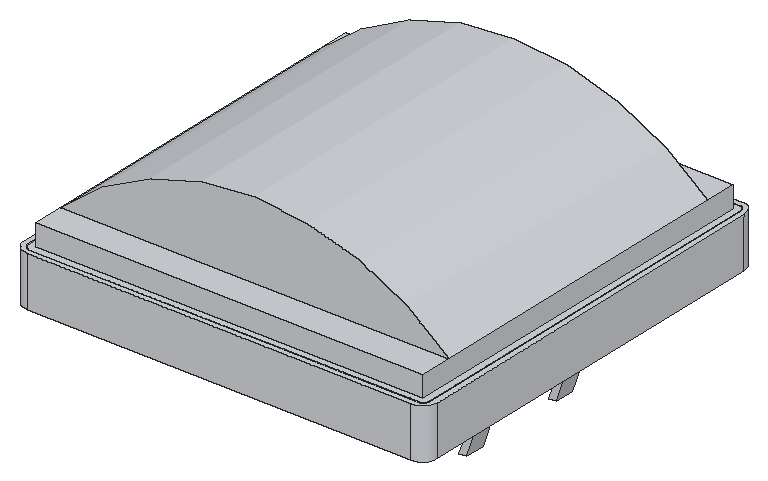
Revit family "Gira_537327", category Electrical Fixtures, host Face, Revit 2017
Family settings
  Host = Face
  Maintain Annotation Orientation = Yes
  Round Connector Dimension = Use Diameter
  Part Type = Normal
  Cut with Voids When Loaded = No
  Shared = No
  Room Calculation Point = No
Parameters (values of type "S3000 Beweg.m.aufs. 1,10 m Standard System 55 Reinweiß m")
  Werkstoffgüte = "sonstige"
  Werkstoff = "sonstige"
  URL = "http://katalog.gira.de/de_DE/datenblatt.html?artikelnr=537327"
  Region = "DE"
  Name = "S3000 Beweg.m.aufs. 1,10 m Standard System 55 Reinweiß m"
  Montagehöhe = "1,1 m"
  Montageart = "unter Putz"
  Manufacturer URL = "https://www.gira.de/"
  Keynote = "Bewegungsmelder_1,10m"
  HeinzeBIM = "https://bimportal.heinze.de/bim/s3000-beweg-m-aufs-1-10-m-standard-system-55-reinweiss-m/0029f8267e7f32f1215f19380327ee9e9fef9e9a"
  Halogenfrei = "Yes"
  HAN = "537327"
  Geeignet für Schutzart (IP) = "IP22"
  GTIN = "4010337049821"
  Default Elevation = 1219.2 mm
  Data sheet (1) = "https://katalog.gira.de/de_DE/download.html?artikelnr=537327"
  Category = "Bewegungsmelder-Sensor"
  Available = "Yes"
  Ausführung = "Bewegungsmelder"
Reference planes
  plane 1 "Center (Front/Back)": y = 0
  plane 2: z = 0
  plane 3 "Center (Left/Right)": x = 0
Forms (mm)
  Extrusion 1, solid, detail levels fine
    sketch origin (0, 0, 0) x (1, 0, 0) y (0, 0, 1)
      loop
        line (-33.025, 12.126) -> (33.025, 12.126)
        arc (33.025, 12.126) -> (0, 25.3) -> (-33.025, 12.126) r 47.982
    from -27.6 to 27.6
  Extrusion 2, solid, detail levels fine
    sketch origin (0, 0, 0) x (1, 0, 0) y (0, 1, 0)
      loop
        line (33.025, 33.025) -> (-33.025, 33.025) -> (-33.025, -33.025) -> (33.025, -33.025) -> (33.025, 33.025)
    from 8.55 to 12.126
  Extrusion 3, solid, detail levels fine
    sketch origin (0, 0, 0) x (1, 0, 0) y (0, 1, 0)
      loop
        spline (-32.7, 35.2) -> (-33.027, 35.179) -> (-33.347, 35.115) -> (-33.657, 35.01) -> (-33.95, 34.865) -> (-34.222, 34.683) -> (-34.468, 34.468) -> (-34.683, 34.222) -> (-34.865, 33.95) -> (-35.01, 33.657) -> (-35.115, 33.347) -> (-35.179, 33.027) -> (-35.2, 32.7)
        line (-35.2, 32.7) -> (-35.2, -32.7)
        spline (-35.2, -32.7) -> (-35.179, -33.027) -> (-35.115, -33.347) -> (-35.01, -33.657) -> (-34.865, -33.95) -> (-34.683, -34.222) -> (-34.468, -34.468) -> (-34.222, -34.683) -> (-33.95, -34.865) -> (-33.657, -35.01) -> (-33.347, -35.115) -> (-33.027, -35.179) -> (-32.7, -35.2)
        line (-32.7, -35.2) -> (32.7, -35.2)
        spline (32.7, -35.2) -> (33.027, -35.179) -> (33.347, -35.115) -> (33.657, -35.01) -> (33.95, -34.865) -> (34.222, -34.683) -> (34.468, -34.468) -> (34.683, -34.222) -> (34.865, -33.95) -> (35.01, -33.657) -> (35.115, -33.347) -> (35.179, -33.027) -> (35.2, -32.7)
        line (35.2, -32.7) -> (35.2, 32.7)
        spline (35.2, 32.7) -> (35.179, 33.027) -> (35.115, 33.347) -> (35.01, 33.657) -> (34.865, 33.95) -> (34.683, 34.222) -> (34.468, 34.468) -> (34.222, 34.683) -> (33.95, 34.865) -> (33.657, 35.01) -> (33.347, 35.115) -> (33.027, 35.179) -> (32.7, 35.2)
        line (32.7, 35.2) -> (-32.7, 35.2)
      loop
        line (-34.2, 33.2) -> (-34.2, -33.2)
        spline (-34.2, -33.2) -> (-34.191, -33.331) -> (-34.166, -33.459) -> (-34.124, -33.583) -> (-34.066, -33.7) -> (-33.993, -33.809) -> (-33.907, -33.907) -> (-33.809, -33.993) -> (-33.7, -34.066) -> (-33.583, -34.124) -> (-33.459, -34.166) -> (-33.331, -34.191) -> (-33.2, -34.2)
        line (-33.2, -34.2) -> (33.2, -34.2)
        spline (33.2, -34.2) -> (33.331, -34.191) -> (33.459, -34.166) -> (33.583, -34.124) -> (33.7, -34.066) -> (33.809, -33.993) -> (33.907, -33.907) -> (33.993, -33.809) -> (34.066, -33.7) -> (34.124, -33.583) -> (34.166, -33.459) -> (34.191, -33.331) -> (34.2, -33.2)
        line (34.2, -33.2) -> (34.2, 33.2)
        spline (34.2, 33.2) -> (34.191, 33.331) -> (34.166, 33.459) -> (34.124, 33.583) -> (34.066, 33.7) -> (33.993, 33.809) -> (33.907, 33.907) -> (33.809, 33.993) -> (33.7, 34.066) -> (33.583, 34.124) -> (33.459, 34.166) -> (33.331, 34.191) -> (33.2, 34.2)
        line (33.2, 34.2) -> (-33.2, 34.2)
        spline (-33.2, 34.2) -> (-33.331, 34.191) -> (-33.459, 34.166) -> (-33.583, 34.124) -> (-33.7, 34.066) -> (-33.809, 33.993) -> (-33.907, 33.907) -> (-33.993, 33.809) -> (-34.066, 33.7) -> (-34.124, 33.583) -> (-34.166, 33.459) -> (-34.191, 33.331) -> (-34.2, 33.2)
    from 0 to 8.55
  Extrusion 4, solid, detail levels fine
    sketch origin (0, 0, 0) x (1, 0, 0) y (0, 1, 0)
      loop
        line (-34.2, 33.2) -> (-34.2, -33.2)
        spline (-34.2, -33.2) -> (-34.191, -33.331) -> (-34.166, -33.459) -> (-34.124, -33.583) -> (-34.066, -33.7) -> (-33.993, -33.809) -> (-33.907, -33.907) -> (-33.809, -33.993) -> (-33.7, -34.066) -> (-33.583, -34.124) -> (-33.459, -34.166) -> (-33.331, -34.191) -> (-33.2, -34.2)
        line (-33.2, -34.2) -> (33.2, -34.2)
        spline (33.2, -34.2) -> (33.331, -34.191) -> (33.459, -34.166) -> (33.583, -34.124) -> (33.7, -34.066) -> (33.809, -33.993) -> (33.907, -33.907) -> (33.993, -33.809) -> (34.066, -33.7) -> (34.124, -33.583) -> (34.166, -33.459) -> (34.191, -33.331) -> (34.2, -33.2)
        line (34.2, -33.2) -> (34.2, 33.2)
        spline (34.2, 33.2) -> (34.191, 33.331) -> (34.166, 33.459) -> (34.124, 33.583) -> (34.066, 33.7) -> (33.993, 33.809) -> (33.907, 33.907) -> (33.809, 33.993) -> (33.7, 34.066) -> (33.583, 34.124) -> (33.459, 34.166) -> (33.331, 34.191) -> (33.2, 34.2)
        line (33.2, 34.2) -> (-33.2, 34.2)
        spline (-33.2, 34.2) -> (-33.331, 34.191) -> (-33.459, 34.166) -> (-33.583, 34.124) -> (-33.7, 34.066) -> (-33.809, 33.993) -> (-33.907, 33.907) -> (-33.993, 33.809) -> (-34.066, 33.7) -> (-34.124, 33.583) -> (-34.166, 33.459) -> (-34.191, 33.331) -> (-34.2, 33.2)
    from 6.175 to 8.55
  Extrusion 5, solid, detail levels fine
    sketch origin (0, 0, 0) x (1, 0, 0) y (0, 1, 0)
      loop
        spline (-27.7, -27.1) -> (-27.696, -27.165) -> (-27.683, -27.229) -> (-27.662, -27.291) -> (-27.633, -27.35) -> (-27.597, -27.404) -> (-27.554, -27.454) -> (-27.504, -27.497) -> (-27.45, -27.533) -> (-27.391, -27.562) -> (-27.329, -27.583) -> (-27.265, -27.596) -> (-27.2, -27.6)
        line (-27.2, -27.6) -> (27.2, -27.6)
        spline (27.2, -27.6) -> (27.265, -27.596) -> (27.329, -27.583) -> (27.391, -27.562) -> (27.45, -27.533) -> (27.504, -27.497) -> (27.554, -27.454) -> (27.597, -27.404) -> (27.633, -27.35) -> (27.662, -27.291) -> (27.683, -27.229) -> (27.696, -27.165) -> (27.7, -27.1)
        line (27.7, -27.1) -> (27.7, 27.1)
        spline (27.7, 27.1) -> (27.696, 27.165) -> (27.683, 27.229) -> (27.662, 27.291) -> (27.633, 27.35) -> (27.597, 27.404) -> (27.554, 27.454) -> (27.504, 27.497) -> (27.45, 27.533) -> (27.391, 27.562) -> (27.329, 27.583) -> (27.265, 27.596) -> (27.2, 27.6)
        line (27.2, 27.6) -> (-27.2, 27.6)
        spline (-27.2, 27.6) -> (-27.265, 27.596) -> (-27.329, 27.583) -> (-27.391, 27.562) -> (-27.45, 27.533) -> (-27.504, 27.497) -> (-27.554, 27.454) -> (-27.597, 27.404) -> (-27.633, 27.35) -> (-27.662, 27.291) -> (-27.683, 27.229) -> (-27.696, 27.165) -> (-27.7, 27.1)
        line (-27.7, 27.1) -> (-27.7, -27.1)
      loop
        line (26.9, 26.8) -> (-26.9, 26.8) -> (-26.9, -26.8) -> (26.9, -26.8) -> (26.9, 26.8)
    from 0 to 6.175
  Extrusion 6, solid, detail levels fine
    sketch origin (0, 0, 0) x (1, 0, 0) y (0, 1, 0)
      loop
        line (-15.4, -23.928) -> (15.4, -23.928)
        arc (15.4, -23.928) -> (21.43, -21.43) -> (23.928, -15.4) r 8.528
        line (23.928, -15.4) -> (23.928, 15.4)
        arc (23.928, 15.4) -> (21.43, 21.43) -> (15.4, 23.928) r 8.528
        line (15.4, 23.928) -> (-15.4, 23.928)
        arc (-15.4, 23.928) -> (-21.43, 21.43) -> (-23.928, 15.4) r 8.528
        line (-23.928, 15.4) -> (-23.928, -15.4)
        arc (-23.928, -15.4) -> (-21.43, -21.43) -> (-15.4, -23.928) r 8.528
    from -0.985 to 1.6
  Extrusion 7, solid, detail levels fine
    sketch origin (0, 0, 0) x (1, 0, 0) y (0, 1, 0)
      loop
        line (-26.35, 18.301) -> (-26.35, -18.801)
        spline (-26.35, -18.801) -> (-26.286, -19.78) -> (-26.095, -20.742) -> (-25.779, -21.671) -> (-25.345, -22.551) -> (-24.8, -23.366) -> (-24.154, -24.104) -> (-23.416, -24.75) -> (-22.601, -25.295) -> (-21.721, -25.729) -> (-20.792, -26.045) -> (-19.83, -26.236) -> (-18.851, -26.3)
        line (-18.851, -26.3) -> (18.851, -26.3)
        spline (18.851, -26.3) -> (19.83, -26.236) -> (20.792, -26.045) -> (21.721, -25.729) -> (22.601, -25.295) -> (23.416, -24.75) -> (24.154, -24.104) -> (24.8, -23.366) -> (25.345, -22.551) -> (25.779, -21.671) -> (26.094, -20.742) -> (26.286, -19.78) -> (26.35, -18.801)
        line (26.35, -18.801) -> (26.35, 18.301)
        spline (26.35, 18.301) -> (26.286, 19.28) -> (26.094, 20.242) -> (25.779, 21.171) -> (25.345, 22.051) -> (24.8, 22.866) -> (24.154, 23.604) -> (23.416, 24.25) -> (22.601, 24.795) -> (21.721, 25.229) -> (20.792, 25.545) -> (19.83, 25.736) -> (18.851, 25.8)
        line (18.851, 25.8) -> (-18.851, 25.8)
        spline (-18.851, 25.8) -> (-19.83, 25.736) -> (-20.792, 25.545) -> (-21.721, 25.229) -> (-22.601, 24.795) -> (-23.416, 24.25) -> (-24.154, 23.604) -> (-24.8, 22.866) -> (-25.345, 22.051) -> (-25.779, 21.171) -> (-26.095, 20.242) -> (-26.286, 19.28) -> (-26.35, 18.301)
    from 1.6 to 6.1
  Extrusion 8, solid, detail levels fine
    sketch origin (0, 0, 0) x (1, 0, 0) y (0, 0, 1)
      loop
        line (-23.048, -13.343) -> (-21.665, -13.513) -> (-24.338, -6.363) -> (-23.36, 1.6) -> (-25.023, 1.6) -> (-24.975, -1.121) -> (-25.39, -6.541) -> (-23.048, -13.343)
      loop
        line (23.048, -13.343) -> (25.39, -6.541) -> (24.975, -1.121) -> (25.023, 1.6) -> (23.36, 1.6) -> (24.338, -6.363) -> (21.665, -13.513) -> (23.048, -13.343)
    from 7.9 to 11.14
  Extrusion 9, solid, detail levels fine
    sketch origin (0, 0, 0) x (1, 0, 0) y (0, 0, -1)
      loop
        line (-23.048, 13.343) -> (-25.39, 6.541) -> (-24.975, 1.121) -> (-25.023, -1.6) -> (-23.36, -1.6) -> (-24.338, 6.363) -> (-21.665, 13.513) -> (-23.048, 13.343)
      loop
        line (23.048, 13.343) -> (21.665, 13.513) -> (24.338, 6.363) -> (23.36, -1.6) -> (25.023, -1.6) -> (24.975, 1.121) -> (25.39, 6.541) -> (23.048, 13.343)
    from 7.9 to 11.14
  Extrusion 10, solid, detail levels fine
    sketch origin (0, 0, 0) x (1, 0, 0) y (0, 1, 0)
      loop
        line (-5.141, 20.681) -> (-5.141, 15.099)
        spline (-5.141, 15.099) -> (-5.133, 14.968) -> (-5.107, 14.84) -> (-5.065, 14.716) -> (-5.007, 14.599) -> (-4.935, 14.49) -> (-4.849, 14.391) -> (-4.75, 14.305) -> (-4.641, 14.233) -> (-4.524, 14.175) -> (-4.4, 14.133) -> (-4.272, 14.107) -> (-4.141, 14.099)
        line (-4.141, 14.099) -> (4.141, 14.099)
        spline (4.141, 14.099) -> (4.272, 14.107) -> (4.4, 14.133) -> (4.524, 14.175) -> (4.641, 14.233) -> (4.75, 14.305) -> (4.849, 14.391) -> (4.935, 14.49) -> (5.007, 14.599) -> (5.065, 14.716) -> (5.107, 14.84) -> (5.133, 14.968) -> (5.141, 15.099)
        line (5.141, 15.099) -> (5.141, 20.681)
        spline (5.141, 20.681) -> (5.133, 20.812) -> (5.107, 20.94) -> (5.065, 21.064) -> (5.007, 21.181) -> (4.935, 21.29) -> (4.849, 21.389) -> (4.75, 21.475) -> (4.641, 21.547) -> (4.524, 21.605) -> (4.4, 21.647) -> (4.272, 21.673) -> (4.141, 21.681)
        line (4.141, 21.681) -> (-4.141, 21.681)
        spline (-4.141, 21.681) -> (-4.272, 21.673) -> (-4.4, 21.647) -> (-4.524, 21.605) -> (-4.641, 21.547) -> (-4.75, 21.475) -> (-4.849, 21.389) -> (-4.935, 21.29) -> (-5.007, 21.181) -> (-5.065, 21.064) -> (-5.107, 20.94) -> (-5.133, 20.812) -> (-5.141, 20.681)
    from -17.3 to -0.985
  Extrusion 11, solid, detail levels medium
    sketch origin (0, 0, 0) x (1, 0, 0) y (0, 1, 0)
      loop
        line (33.025, 33.025) -> (-33.025, 33.025) -> (-33.025, -33.025) -> (33.025, -33.025) -> (33.025, 33.025)
    from 8.55 to 25.3
  Extrusion 12, solid, detail levels medium
    sketch origin (0, 0, 0) x (1, 0, 0) y (0, 1, 0)
      loop
        line (-35.2, 35.2) -> (-35.2, -35.2) -> (35.2, -35.2) -> (35.2, 35.2) -> (-35.2, 35.2)
    from 0 to 8.55
  Extrusion 13, solid, detail levels medium
    sketch origin (0, 0, 0) x (1, 0, 0) y (0, 0, 1)
      loop
        line (-25.023, 1.6) -> (-25.023, -13.1) -> (-21.665, -13.513) -> (-21.665, 1.6) -> (-25.023, 1.6)
      loop
        line (25.023, 1.6) -> (21.665, 1.6) -> (21.665, -13.513) -> (25.023, -13.1) -> (25.023, 1.6)
    from 8 to 11.14
  Extrusion 14, solid, detail levels medium
    sketch origin (0, 0, 0) x (1, 0, 0) y (0, 0, -1)
      loop
        line (-25.023, -1.6) -> (-21.665, -1.6) -> (-21.665, 13.513) -> (-25.023, 13.1) -> (-25.023, -1.6)
      loop
        line (25.023, -1.6) -> (25.023, 13.1) -> (21.665, 13.513) -> (21.665, -1.6) -> (25.023, -1.6)
    from 8 to 11.14
  Extrusion 15, solid, detail levels medium
    sketch origin (0, 0, 0) x (1, 0, 0) y (0, 1, 0)
      loop
        line (-5.141, 21.681) -> (-5.141, 14.099) -> (5.141, 14.099) -> (5.141, 21.681) -> (-5.141, 21.681)
    from -17.3 to -0.985
  Extrusion 16, solid, detail levels coarse
    sketch origin (0, 0, 0) x (1, 0, 0) y (0, 1, 0)
      loop
        line (-35.2, 35.2) -> (-35.2, -35.2) -> (35.2, -35.2) -> (35.2, 35.2) -> (-35.2, 35.2)
    from -17.3 to 25.3
Dimensions and locks
  aligned and locked: plane 2 to host face
  aligned and locked: level to host face
  aligned and locked: nested 1 to plane 3 "Center (Left/Right)"
  aligned and locked: plane 1 "Center (Front/Back)" to nested 1
Nested families
  nested 1: "Belegungssensor - Bewegung - Aufputz - Beschriftung" at (0, 0, 0) x (0, -1, 0) z (0, 0, 1), type "Belegungssensor - Bewegung - Aufputz - Beschriftung"
Connectors
  electrical at (0, 0, -17.3)
    settings: on Extrusion 16, index 1, voltage 220 V, apparent load 0 VA, apparent load phase1 0 VA, apparent load phase2 0 VA, apparent load phase3 0 VA, power factor 1, load classification "Other", number of poles 1, system type 30, power factor state 1, is connector primary yes, connector utility no, sub classification motor no, connector description ""
Definition of nested family "Belegungssensor - Bewegung - Aufputz - Beschriftung"
  Reference planes
    plane 1: y = 0
    plane 2: x = 0
  Lines and regions (mm)
    Filled region 1, type "Gefüllter Bereich 1"
      outline origin (143.425, -20.712, 0) x (1, 0, 0) y (0, 1, 0)
        loop
          line (-148.697, 21.204) -> (-148.697, 20.409) -> (-147.583, 20.807) -> (-148.697, 21.204)
    Filled region 2, type "Gefüllter Bereich 1"
      outline origin (141.808, 30.001, 0) x (0.939693, 0.34202, 0) y (-0.34202, 0.939693, 0)
        loop
          line (-148.694, 21.203) -> (-148.694, 20.41) -> (-147.583, 20.807) -> (-148.694, 21.203)
    Filled region 3, type "Gefüllter Bereich 1"
      outline origin (141.819, -29.825, 0) x (-0.34202, -0.939693, 0) y (0.939693, -0.34202, 0)
        loop
          line (21.204, -148.697) -> (20.807, -147.583) -> (20.409, -148.697) -> (21.204, -148.697)
    detail lines
      curve 1: line (-1.207, 0.095, 0) -> (-3.486, 1.411, 0)
      curve 2: line (-1.207, 0.095, 0) -> (-3.486, -1.221, 0)
      curve 5: arc (-3.252, 1.752, 0) -> (-3.839, 0.095, 0) -> (-3.252, -1.562, 0) r 2.632
      curve 6: line (-6, 3, 0) -> (0, 3, 0)
      curve 7: line (-6, -3, 0) -> (-6, 3, 0)
      curve 8: line (0, -3, 0) -> (-6, -3, 0)
      curve 9: line (0, 3, 0) -> (0, -3, 0)
    reference lines
      curve 3: line (-1.207, 0.095, 0) -> (-3.616, 2.046, 0)
      curve 4: line (-1.207, 0.095, 0) -> (-3.616, -1.856, 0)
  Dimensions and locks
    curve 1 to curve 1 = 2.632 mm
    curve 2 to curve 2 = 2.632 mm
    curve 6 to curve 8 = 6 mm
    curve 7 to curve 9 = 6 mm
    angle curve 1 to curve 2 = 60.00°
    aligned and locked: curve 6 to curve 7
    aligned and locked: curve 9 to curve 9
